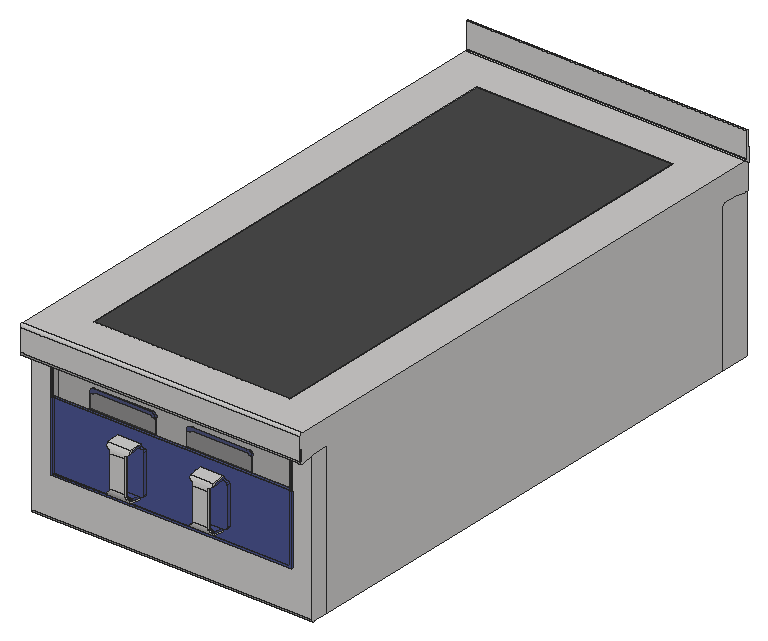
Revit family "QF_ELECTROLUXPROFESSIONAL_588020_MAIBABDOAO", category Specialty Equipment, Revit 2018
Family settings
  Round Connector Dimension = Use Diameter
  Part Type = Normal
  Work Plane-Based = No
  Always vertical = Yes
  Cut with Voids When Loaded = No
  Shared = No
  Room Calculation Point = No
Parameters
  Weight in Pounds = 48.5017
  Watts = 10000 VA  # 10000 W
  Volts = 400 V  # constant formula
  URL Cutsheet = ""
  Type Mark [instance] = ""
  Status [instance] = ""
  Specification by User [instance] = ""
  Specification by Manufacturer = ""
  Show Backsplash [instance] = yes
  Serial Number = ""
  Seismic Rating = ""
  SMACNA No = ""
  Revision Code [instance] = ""
  Phase = 3  # constant formula
  Omniclass Number and Title = ""
  Number of Poles [instance] = 1
  NAFEM Spec ID Number = ""
  Model = "588020"
  Min Ckt Ampacity = 0 A
  Max Overcurrent Protection = 0 A
  Masterspec = ""
  Manufacturer = "ELECTROLUX"
  Item Number [instance] = ""
  Installed By [instance] = ""
  Identify Quantity as Lot [instance] = yes
  HP = "13.4 HP"
  Furnished By [instance] = ""
  Foodservice Equipment Identifier [instance] = yes
  FL Amps [instance] = if(Phase = 3, Watts / (Volts * 1.73), Watts / Volts)  # 14.4509 A
  Electrical Remarks = "400 V/3N ph/50/60 Hz"  # constant formula
  Electric Connection Type [instance] = ""
  Elec Conn RI Height [instance] = 0 mm
  Elec Conn Connection Height [instance] = 0 mm
  Direct Waste Size = 0"
  Description = "INDUCTION TOP,2 ZONES,1S,BS,400X800X250H"
  Cycle [instance] = if([60 Hertz Option], 60 Hz, 50 Hz)  # 60 Hz
  Conn Plug = ""
  Conn Conduit = yes
  CSI MasterFormat = ""
  CSI Master Format = ""
  Back Panel [instance] = not(Show Backsplash)  # no
  Apparent Power [instance] = if(Phase = 3, Volts * FL Amps * 1.73, Volts * FL Amps)  # 10000 VA
  60 Hertz Option [instance] = not([50 Hertz Option])  # yes
  50 Hertz Option [instance] = no
Reference planes
  plane 1 "BACK": y = 0
  plane 2: z = 0
  plane 3 "LEFT": x = 0
  plane 4 "RIGHT": x = 400
  plane 5 "FRONT": y = -800
  plane 6 "TOP": z = 250
  plane 7: x = 200
  plane 8: y = -400
  plane 9: z = 582.185
Forms (mm)
  Extrusion 1, solid, material "QF_Finishes_Stainless Steel"
    sketch origin (0, -487.128, 0) x (0, 1, 0) y (0, 0, 1)
      loop
        line (483.128, 250) -> (-308.872, 250)
        arc (-308.872, 250) -> (-311.7, 248.828) -> (-312.872, 246) r 4
        line (-312.872, 246) -> (-312.872, 214)
        arc (-312.872, 214) -> (-311.443, 210.936) -> (-308.177, 210.061) r 4
        line (-308.177, 210.061) -> (-291.509, 213) -> (-266.872, 213) -> (-266.872, 0) -> (441.128, 0) -> (441.128, 213) -> (465.765, 213) -> (482.433, 210.061)
        arc (482.433, 210.061) -> (485.699, 210.936) -> (487.128, 214) r 4
        line (487.128, 214) -> (487.128, 246)
        arc (487.128, 246) -> (485.956, 248.828) -> (483.128, 250) r 4
    from 0 to 400
  Extrusion 2, solid, material "QF_Finishes_Stainless Steel", visible <- "Back Panel"
    sketch origin (0, 0, 0) x (0, 1, 0) y (0, 0, 1)
      loop
        line (-46, 0) -> (-23, 0)
        arc (-23, 0) -> (-20.879, -0.879) -> (-20, -3) r 3
        line (-20, -3) -> (-20, 215)
        arc (-20, 215) -> (-20.586, 213.586) -> (-22, 213) r 2
        line (-22, 213) -> (-46, 213) -> (-46, 0)
    from 0 to 400
  Extrusion 3, void
    sketch origin (653.786, 44.048, 250) x (1, 0, 0) y (0, -1, 0)
      loop
        line (-593.786, 104.048) -> (-313.786, 104.048) -> (-313.786, 787.779) -> (-593.786, 787.779) -> (-593.786, 104.048)
    from 0 to 37
  Extrusion 4, solid, material "QF_Finishes_Stainless Steel"
    sketch origin (0, -754, 0) x (1, 0, 0) y (0, -1, 0)
      loop
        circle (355, -69) r 6.35
    from 0 to 3.2
  Extrusion 5, solid, material "QF_Finishes_Black"
    sketch origin (653.786, 44.048, 213) x (1, 0, 0) y (0, 1, 0)
      loop
        line (-593.786, -787.779) -> (-313.786, -787.779) -> (-313.786, -104.048) -> (-593.786, -104.048) -> (-593.786, -787.779)
    from 0 to 37
  Extrusion 6, solid, material "QF_Finishes_Stainless Steel", visible <- "Show Backsplash"
    sketch origin (0, 0, 0) x (0, 1, 0) y (0, 0, 1)
      loop
        line (-2.951, 2) -> (-2.951, 210.133)
        arc (-2.951, 210.133) -> (-3.795, 210.009) -> (-4.646, 210.066) r 4
        line (-4.646, 210.066) -> (-21.287, 213) -> (-45, 213) -> (-45, 0) -> (-4.951, 0)
        arc (-4.951, 0) -> (-3.537, 0.586) -> (-2.951, 2) r 2
      loop
        arc (-1.951, 252.006) -> (-2.537, 250.592) -> (-3.951, 250.006) r 2
        arc (-3.951, 250.006) -> (-1.172, 248.828) -> (0, 246) r 4
        line (0, 246) -> (0, 288.006) -> (-1.951, 288.006) -> (-1.951, 252.006)
    from 400 to 0
Cuts and joins
  Extrusion 3 cuts Extrusion 1
Lines and regions (mm)
  symbolic lines
    curve 1: line (0, 0, 0) -> (400, 0, 0)
    curve 2: line (0, -800, 0) -> (0, 0, 0)
    curve 3: line (400, -800, 0) -> (0, -800, 0)
    curve 4: line (400, 0, 0) -> (400, -800, 0)
    curve 5: line (340, -743.73, 0) -> (340, -60, 0)
    curve 6: line (340, -60, 0) -> (60, -60, 0)
    curve 7: line (60, -60, 0) -> (60, -743.73, 0)
    curve 8: line (60, -743.73, 0) -> (340, -743.73, 0)
    curve 9: line (74.883, -802.326, 0) -> (74.883, -800, 0)
    curve 10: spline (80.551, -803.73, 0) -> (80.073, -803.657, 0) -> (79.595, -803.575, 0) -> (79.118, -803.486, 0) -> (78.642, -803.389, 0) -> (78.167, -803.283, 0) -> (77.693, -803.17, 0) -> (77.221, -803.049, 0) -> (76.75, -802.92, 0) -> (76.281, -802.783, 0) -> (75.813, -802.638, 0) -> (75.347, -802.486, 0) -> (74.883, -802.326, 0)
    curve 11: line (107.098, -802.326, 0) -> (107.098, -800, 0)
    curve 12: spline (107.098, -802.326, 0) -> (106.634, -802.486, 0) -> (106.168, -802.638, 0) -> (105.7, -802.783, 0) -> (105.231, -802.92, 0) -> (104.76, -803.049, 0) -> (104.287, -803.17, 0) -> (103.814, -803.283, 0) -> (103.339, -803.389, 0) -> (102.863, -803.486, 0) -> (102.386, -803.575, 0) -> (101.908, -803.657, 0) -> (101.429, -803.73, 0)
    curve 13: line (80.551, -803.73, 0) -> (101.429, -803.73, 0)
    curve 15: line (325.117, -802.326, 0) -> (325.117, -800, 0)
    curve 16: spline (319.449, -803.73, 0) -> (319.927, -803.657, 0) -> (320.405, -803.575, 0) -> (320.882, -803.486, 0) -> (321.358, -803.389, 0) -> (321.833, -803.283, 0) -> (322.307, -803.17, 0) -> (322.779, -803.049, 0) -> (323.25, -802.92, 0) -> (323.719, -802.783, 0) -> (324.187, -802.638, 0) -> (324.653, -802.486, 0) -> (325.117, -802.326, 0)
    curve 17: line (292.902, -802.326, 0) -> (292.902, -800, 0)
    curve 18: spline (292.902, -802.326, 0) -> (293.366, -802.486, 0) -> (293.832, -802.638, 0) -> (294.3, -802.783, 0) -> (294.769, -802.92, 0) -> (295.24, -803.049, 0) -> (295.713, -803.17, 0) -> (296.186, -803.283, 0) -> (296.661, -803.389, 0) -> (297.137, -803.486, 0) -> (297.614, -803.575, 0) -> (298.092, -803.657, 0) -> (298.571, -803.73, 0)
    curve 19: line (319.449, -803.73, 0) -> (298.571, -803.73, 0)
  symbolic lines, visible <- "Show Backsplash"
    curve 14: line (0, -1.951, 0) -> (400, -1.951, 0)
Dimensions and locks
  plane 3 "LEFT" to plane 4 "RIGHT" = 400 mm
  plane 5 "FRONT" to plane 1 "BACK" = 800 mm
  equal spacing: plane 3 "LEFT", plane 7, plane 4 "RIGHT"
  equal spacing: plane 5 "FRONT", plane 8, plane 1 "BACK"
  plane 6 "TOP" to level = 250 mm  (x2)
  plane 1 "BACK" to plane 5 "FRONT" = 800 mm
  Extrusion 4 sketch curve to plane 1 "BACK" = 685 mm
  Extrusion 4 sketch curve to plane 4 "RIGHT" = 45 mm
  aligned and locked: level to plane 2
  aligned and locked: cut or joined group of Extrusion 1, Extrusion 3 to plane 4 "RIGHT"
  aligned and locked: Extrusion 2 to plane 4 "RIGHT"
  aligned and locked: plane 7 to nested 1
  aligned and locked: Extrusion 6 to plane 4 "RIGHT"
Automatic sketch dimensions
  plane 1 "BACK" to Extrusion 2 sketch curve = 46 mm
  Extrusion 2 sketch curve to Extrusion 2 sketch curve = 23 mm
  plane 1 "BACK" to Extrusion 2 sketch curve = 22 mm
  Extrusion 2 sketch curve to Extrusion 2 sketch curve = 2 mm
  Extrusion 2 sketch curve to plane 6 "TOP" = 253 mm
  level to Extrusion 2 sketch curve = 213 mm
  Extrusion 1 sketch curve to plane 5 "FRONT" = 0 mm
  Extrusion 1 sketch curve to plane 6 "TOP" = 0 mm
  Extrusion 1 sketch curve to level = 0 mm
  Extrusion 1 sketch curve to plane 1 "BACK" = 0 mm
  Extrusion 1 sketch curve to plane 6 "TOP" = 37 mm  (x2)
  Extrusion 1 sketch curve to plane 5 "FRONT" = 4 mm
  Extrusion 1 sketch curve to plane 5 "FRONT" = 21.363 mm
  Extrusion 1 sketch curve to plane 5 "FRONT" = 46 mm
  plane 1 "BACK" to Extrusion 1 sketch curve = 21.363 mm
  plane 1 "BACK" to Extrusion 1 sketch curve = 4 mm  (x2)
  Extrusion 1 sketch curve to Extrusion 1 sketch curve = 4 mm
  Extrusion 1 sketch curve to Extrusion 1 sketch curve = 0.695 mm
  Extrusion 1 sketch curve to Extrusion 1 sketch curve = 0 mm  (x4)
  plane 1 "BACK" to Extrusion 1 sketch curve = 4.695 mm
  Extrusion 1 sketch curve to Extrusion 1 sketch curve = 1 mm  (x2)
  plane 1 "BACK" to Extrusion 1 sketch curve = 46 mm
  Extrusion 6 sketch curve to level = 0 mm
  Extrusion 6 sketch curve to plane 1 "BACK" = 0 mm  (x2)
  level to Extrusion 6 sketch curve = 2 mm
  Extrusion 6 sketch curve to plane 6 "TOP" = 0 mm
  plane 1 "BACK" to Extrusion 6 sketch curve = 1.951 mm
  plane 1 "BACK" to Extrusion 6 sketch curve = 2.951 mm
  Extrusion 6 sketch curve to Extrusion 6 sketch curve = 18.335 mm
  Extrusion 6 sketch curve to Extrusion 6 sketch curve = 40.049 mm
  Extrusion 6 sketch curve to Extrusion 6 sketch curve = 1.695 mm
  Extrusion 6 sketch curve to Extrusion 6 sketch curve = 0 mm  (x3)
  plane 1 "BACK" to Extrusion 6 sketch curve = 4 mm
  plane 1 "BACK" to Extrusion 6 sketch curve = 3.951 mm
  Extrusion 6 sketch curve to Extrusion 6 sketch curve = 2 mm
  Extrusion 6 sketch curve to Extrusion 6 sketch curve = 35.867 mm
  Extrusion 6 sketch curve to plane 6 "TOP" = 37 mm
  plane 6 "TOP" to Extrusion 6 sketch curve = 2.006 mm
  Extrusion 6 sketch curve to Extrusion 6 sketch curve = 36 mm
  Extrusion 6 sketch curve to Extrusion 6 sketch curve = 0.066 mm
  plane 1 "BACK" to curve 1 = 0 mm
  curve 1 to plane 4 "RIGHT" = 0 mm
  curve 3 to plane 3 "LEFT" = 0 mm
  plane 5 "FRONT" to curve 3 = 0 mm
  plane 4 "RIGHT" to curve 5 = 60 mm
  plane 5 "FRONT" to curve 15 = 2.326 mm
  curve 5 to curve 15 = 14.883 mm
  plane 5 "FRONT" to curve 19 = 3.73 mm
  curve 15 to curve 19 = 5.669 mm
  curve 19 to curve 19 = 20.878 mm
  plane 5 "FRONT" to curve 17 = 2.326 mm
  curve 19 to curve 17 = 5.669 mm
  plane 5 "FRONT" to curve 11 = 2.326 mm
  curve 11 to plane 7 = 92.902 mm
  plane 5 "FRONT" to curve 13 = 3.73 mm
  curve 11 to curve 13 = 5.669 mm
  curve 13 to curve 13 = 20.878 mm
  plane 5 "FRONT" to curve 9 = 2.326 mm
  curve 13 to curve 9 = 5.669 mm
  plane 3 "LEFT" to curve 7 = 60 mm
  curve 5 to curve 16 = 24.722 mm
  plane 5 "FRONT" to curve 18 = 4.032 mm
  curve 18 to curve 18 = 4.17 mm
  plane 5 "FRONT" to curve 12 = 4.032 mm
  curve 13 to curve 12 = 4.17 mm
  curve 12 to curve 10 = 12.538 mm
  plane 1 "BACK" to curve 6 = 60 mm
  curve 5 to curve 18 = 17.168 mm
  curve 1 to curve 14 = 1.951 mm
  curve 10 to curve 12 = 0 mm
  curve 18 to curve 16 = 0 mm
  Extrusion 1 to Extrusion 3 sketch curve = 60 mm  (x2)
  Extrusion 1 to Extrusion 3 sketch curve = 52.27 mm
  Extrusion 1 to Extrusion 3 sketch curve = 56 mm
  Extrusion 5 sketch curve to Extrusion 3 = 0 mm  (x3)
  Extrusion 3 to Extrusion 5 sketch curve = 0 mm
  radius of Extrusion 4 sketch curve = 6.35 mm
Nested families
  nested 1: "IDT_800_500 mm Double Control Front Panel" at (202.376, -754, -650), type "IDT_800_500 mm Double Control Front Panel"
Connectors
  electrical at (355, -685, -3.2), driven by "Volts", driven by "Watts"
    settings: on Extrusion 4, index 1, voltage 400 V, apparent load 10000 VA, apparent load phase1 0 VA, apparent load phase2 0 VA, apparent load phase3 0 VA, power factor 1, load classification "Other", number of poles 1, system type 30, power factor state 1, is connector primary yes, connector utility no, sub classification motor no, connector description "ELECTRICAL CONNECTION"
Definition of nested family "IDT_800_500 mm Double Control Front Panel"
  Parameters
    Length = 400 mm
  Reference planes
    plane 1 "Center (Front/Back)": y = 0
    plane 2: z = 0
    plane 3 "Center (Left/Right)": x = -2.376
    plane 4: x = -202.376
    plane 5: x = 197.624
  Forms (mm)
    Extrusion 1, solid
      sketch origin (833.217, 829.203, -1.25) x (0, 1, 0) y (0, 0, 1)
        loop
          arc (-854.203, 654.25) -> (-853.324, 652.129) -> (-851.203, 651.25) r 3
          line (-851.203, 651.25) -> (-829.203, 651.25) -> (-829.203, 864.25) -> (-854.203, 864.25) -> (-854.203, 654.25)
      from -1035.593 to -635.593
    Extrusion 2, void
      sketch origin (33.217, 829.203, -1.25) x (1, 0, 0) y (0, 0, 1)
        loop
          line (-207.593, 852.364) -> (-207.593, 710.364) -> (136.407, 710.364) -> (136.407, 852.364) -> (-207.593, 852.364)
      from 843.409 to 854.203
  Cuts and joins
    Extrusion 2 cuts Extrusion 1
  Dimensions and locks
    equal spacing: plane 5, plane 3 "Center (Left/Right)", plane 4
    "Length": plane 5 to plane 4
    locked: nested 2 to plane 4 at 117.396
    locked: plane 5 to nested 1 at 117
    locked: nested 2 to plane 4 at 141.217
    locked: plane 5 to nested 1 at 140.821
    aligned and locked: cut or joined group of Extrusion 1, Extrusion 2 to plane 4
    aligned and locked: plane 5 to cut or joined group of Extrusion 1, Extrusion 2
    aligned and locked: plane 3 "Center (Left/Right)" to nested 3
  Automatic sketch dimensions
    Extrusion 1 sketch curve to plane 1 "Center (Front/Back)" = 0 mm
    plane 1 "Center (Front/Back)" to Extrusion 1 sketch curve = 22 mm
    Extrusion 1 sketch curve to Extrusion 1 sketch curve = 3 mm
    level to Extrusion 1 sketch curve = 650 mm
    Extrusion 1 sketch curve to Extrusion 1 sketch curve = 210 mm
    plane 4 to Extrusion 2 sketch curve = 28 mm
    Extrusion 2 sketch curve to plane 5 = 28 mm
    level to Extrusion 2 sketch curve = 709.114 mm
    Extrusion 2 sketch curve to Extrusion 2 sketch curve = 142 mm
  Nested families
    nested 1: "Range Control Handle" at (56.804, -28.137, -209.113), type "Range Control Handle"
    nested 2: "Range Control Handle" at (-61.159, -28.137, -209.113) x (-1, 0, 0) z (0, 0, 1), type "Range Control Handle"
    nested 3: "glass conrol panel One Right Side" at (-2.376, 278.697, 0), type "glass conrol panel One Right Side"
  Definition of nested family "Range Control Handle"
    Reference planes
      plane 1 "Center (Front/Back)": y = 0
      plane 2: z = 0
      plane 3 "Center (Left/Right)": x = 0
      plane 4: z = 971.092
    Forms (mm)
      Extrusion 1, solid
        sketch origin (-746.28, 380.497, 208.931) x (-1, 0, 0) y (0, 0, 1)
          loop
            line (-770.101, 786.798) -> (-770.101, 731.649)
            arc (-770.101, 731.649) -> (-769.759, 730.563) -> (-768.855, 729.87) r 1.893
            line (-768.855, 729.87) -> (-763.474, 727.911) -> (-729.81, 727.911) -> (-724.428, 729.87)
            arc (-724.428, 729.87) -> (-723.525, 730.563) -> (-723.183, 731.649) r 1.893
            line (-723.183, 731.649) -> (-723.183, 786.798)
            arc (-723.183, 786.798) -> (-723.529, 787.894) -> (-724.44, 788.593) r 1.91
            line (-724.44, 788.593) -> (-729.683, 790.819) -> (-763.601, 790.819) -> (-768.844, 788.593)
            arc (-768.844, 788.593) -> (-769.755, 787.894) -> (-770.101, 786.798) r 1.91
        from -382.35 to -378.852
      Sweep 2, solid
        path origin (-746.788, 380.496, 208.091) x (0, -1, 0) y (0, 0, 1)
          loop
            line (379.775, 793.281) -> (395.661, 791.048)
            arc (395.661, 791.048) -> (397.781, 787.377) -> (398.517, 783.202) r 12.207
            line (398.517, 783.202) -> (398.517, 737.368)
            arc (398.517, 737.368) -> (397.781, 733.193) -> (395.661, 729.522) r 12.207
            line (395.661, 729.522) -> (379.775, 727.289)
        profile origin (-746.788, -7.222, 1000.256) x (0, -0.139173, 0.990268) y (-1, 0, 0)
          loop
            line (0.782, -763.123) -> (0.782, -730.907) -> (-1.322, -730.907) -> (-1.322, -763.123) -> (0.782, -763.123)
      Sweep 3, solid
        path origin (-746.788, 380.715, 207.832) x (0, -1, 0) y (0, 0, 1)
          loop
            line (380.478, 795.442) -> (397.218, 793.09)
            arc (397.218, 793.09) -> (399.929, 788.473) -> (400.871, 783.202) r 15.207
            line (400.871, 783.202) -> (400.871, 737.584)
            arc (400.871, 737.584) -> (399.914, 732.274) -> (397.164, 727.633) r 15.207
            line (397.164, 727.633) -> (380.601, 725.305)
        profile origin (-746.788, -8.132, 1002.099) x (0, -0.139173, 0.990268) y (-1, 0, 0)
          loop
            line (0.782, -763.123) -> (0.782, -730.907) -> (-1.322, -730.907) -> (-1.322, -763.123) -> (0.782, -763.123)
      Extrusion 4, void
        sketch origin (889.253, 220.666, 207.993) x (1, 0, 0) y (0, 0, 1)
          loop
            line (-943.038, 816.854) -> (-943.038, 703.686) -> (-899.466, 734.196) -> (-899.466, 786.344) -> (-943.038, 816.854)
        from 230.636 to 242.25
      Extrusion 5, void
        sketch origin (-888.8, 220.666, 207.993) x (-1, 0, 0) y (0, 0, -1)
          loop
            line (-943.038, -816.854) -> (-899.466, -786.344) -> (-899.466, -734.196) -> (-943.038, -703.686) -> (-943.038, -816.854)
        from 230.636 to 242.25
      Extrusion 6, solid
        sketch origin (0, 0, 0) x (1, 0, 0) y (0, 0, 1)
          loop
            circle (0, 971.092) r 7.736
        from -3.137 to -1.645
    Cuts and joins
      Extrusion 4, Extrusion 5 cuts Sweep 3
      Extrusion 4, Extrusion 5 cuts Sweep 2
      joined: Extrusion 1, Extrusion 6
    Lines and regions (mm)
      symbolic lines
        curve 1: line (23.821, 1.645, 0) -> (-23.097, 1.645, 0)
        curve 2: line (16.334, -1.853, 0) -> (23.821, -1.853, 0)
        curve 3: line (-15.881, -19.189, 0) -> (-15.881, -1.853, 0)
        curve 4: line (-23.097, -1.853, 0) -> (-15.881, -1.853, 0)
        curve 5: line (16.334, -19.189, 0) -> (16.334, -1.853, 0)
        curve 6: spline (-15.881, -19.189, 0) -> (-15.417, -19.349, 0) -> (-14.951, -19.501, 0) -> (-14.483, -19.646, 0) -> (-14.014, -19.783, 0) -> (-13.543, -19.912, 0) -> (-13.071, -20.033, 0) -> (-12.597, -20.146, 0) -> (-12.122, -20.251, 0) -> (-11.646, -20.349, 0) -> (-11.169, -20.438, 0) -> (-10.691, -20.52, 0) -> (-10.213, -20.593, 0)
        curve 7: spline (10.666, -20.593, 0) -> (11.144, -20.52, 0) -> (11.622, -20.438, 0) -> (12.099, -20.349, 0) -> (12.575, -20.251, 0) -> (13.05, -20.146, 0) -> (13.524, -20.033, 0) -> (13.996, -19.912, 0) -> (14.467, -19.783, 0) -> (14.936, -19.646, 0) -> (15.404, -19.501, 0) -> (15.87, -19.349, 0) -> (16.334, -19.189, 0)
        curve 8: line (-10.213, -20.938, 0) -> (10.716, -20.938, 0)
        curve 9: line (-23.097, 1.645, 0) -> (-23.097, -1.853, 0)
        curve 10: line (23.821, 1.645, 0) -> (23.821, -1.853, 0)
  Definition of nested family "glass conrol panel One Right Side"
    Reference planes
      plane 1 "Center (Front/Back)": y = 0
      plane 2: z = 0
      plane 3 "Center (Left/Right)": x = 0
    Forms (mm)
      Extrusion 1, solid
        sketch origin (378.286, 0, 0.617) x (1, 0, 0) y (0, 0, 1)
          loop
            line (-550.286, 806.791) -> (-550.286, 708.497) -> (-206.286, 708.497) -> (-206.286, 806.791) -> (-550.286, 806.791)
        from 300.031 to 304.8
      Extrusion 2, solid
        sketch origin (378.286, 0, 0.617) x (1, 0, 0) y (0, 0, 1)
          loop
            line (-550.286, 850.497) -> (-550.286, 806.791) -> (-206.286, 806.791) -> (-206.286, 850.497) -> (-550.286, 850.497)
        from 300.031 to 304.8
      Extrusion 3, void
        sketch origin (378.286, 0, 0.617) x (1, 0, 0) y (0, 0, 1)
          loop
            line (-547.628, 847.565) -> (-547.628, 710.699) -> (-209.196, 710.699) -> (-209.196, 847.565) -> (-547.628, 847.565)
        from 303.697 to 304.8
      Extrusion 4, solid
        sketch origin (377.536, 1.101, -0.633) x (1, 0, 0) y (0, 0, 1)
          loop
            line (-261.431, 812.62) -> (-261.431, 834.177) -> (-266.24, 834.177) -> (-268.039, 835.977) -> (-348.469, 835.977) -> (-350.269, 834.177) -> (-355.186, 834.177) -> (-355.186, 812.62) -> (-261.431, 812.62)
        from 304.798 to 306.745
      Extrusion 5, solid
        sketch origin (377.536, 1.101, -0.633) x (1, 0, 0) y (0, 0, 1)
          loop
            line (-350.269, 834.177) -> (-348.469, 835.977) -> (-268.039, 835.977) -> (-266.24, 834.177) -> (-261.529, 834.177)
            arc (-261.529, 834.177) -> (-262.706, 838.752) -> (-266.98, 840.763) r 5.549
            line (-266.98, 840.763) -> (-349.686, 840.763)
            arc (-349.686, 840.763) -> (-353.942, 838.747) -> (-355.078, 834.177) r 5.5
            line (-355.078, 834.177) -> (-350.269, 834.177)
        from 304.798 to 306.745
      Extrusion 6, solid
        sketch origin (-377.536, 1.101, -0.633) x (-1, 0, 0) y (0, 0, -1)
          loop
            line (-261.431, -812.62) -> (-355.186, -812.62) -> (-355.186, -834.177) -> (-350.269, -834.177) -> (-348.469, -835.977) -> (-268.039, -835.977) -> (-266.24, -834.177) -> (-261.431, -834.177) -> (-261.431, -812.62)
        from 304.798 to 306.745
      Extrusion 7, solid
        sketch origin (-377.536, 1.101, -0.633) x (-1, 0, 0) y (0, 0, -1)
          loop
            line (-350.269, -834.177) -> (-355.078, -834.177)
            arc (-355.078, -834.177) -> (-353.942, -838.747) -> (-349.686, -840.763) r 5.5
            line (-349.686, -840.763) -> (-266.98, -840.763)
            arc (-266.98, -840.763) -> (-262.706, -838.752) -> (-261.529, -834.177) r 5.549
            line (-261.529, -834.177) -> (-266.24, -834.177) -> (-268.039, -835.977) -> (-348.469, -835.977) -> (-350.269, -834.177)
        from 304.798 to 306.745
    Cuts and joins
      Extrusion 3 cuts Extrusion 1
      Extrusion 3 cuts Extrusion 2
      Extrusion 3 cuts Extrusion 4
      Extrusion 3 cuts Extrusion 5
    Dimensions and locks
      aligned and locked: Extrusion 1 to Extrusion 2
      aligned and locked: Extrusion 5 sketch curve to Extrusion 4  (x4)
      aligned and locked: Extrusion 4 to Extrusion 5 sketch curve
      aligned and locked: Extrusion 5 to Extrusion 4
      aligned and locked: Extrusion 7 sketch curve to Extrusion 6  (x5)
      aligned and locked: Extrusion 7 to Extrusion 6
